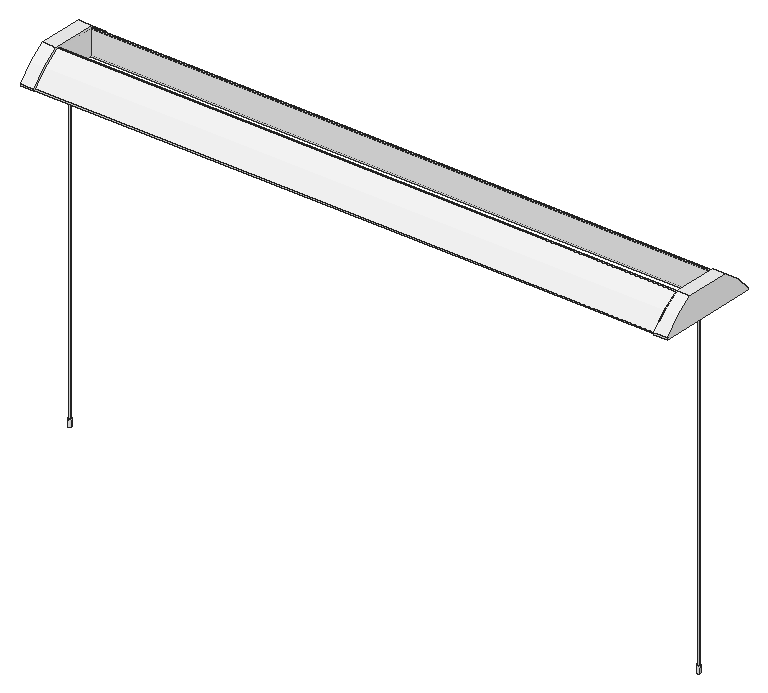
Revit family "SAE102-P", category Lighting Fixtures, host Face, Revit 2014
Parameters (values of type "SAE102-P-04")
  Wattage = 4 W
  Warranty = "5-Years Warranty"
  built-in parameter 1150110 = 1 (stored number, unit not read)
  Voltage = 120 V
  Type Comments = "Lighting Fixture"  # constant formula
  built-in parameter 1114217 = 1 (stored number, unit not read)
  Tilt Angle = -90.00°
  built-in parameter 1150109 = 1 (stored number, unit not read)
  built-in parameter 1150134 = (empty or 0)
  built-in parameter 1150113 = 1 (stored number, unit not read)
  Product Page URL = "https://www.hubbell.com/hubbelllightingci/en/Products/Lighting-Controls/Commercial-Indoor-Lighting/Pendant-Lighting/SAE102-Linear-Pendant-IndirectDirect/p/2333047"
  Product Documentation Link = "https://hubbellcdn.com/specsheet/sae102_pendant.pdf"
  Power Factor = 1
  Photometric Web File = "SAE102-P-ID-STD-4-SOF-CX-35K-I050-D040.ies"
  Photometric Notes = "More IES files download on Photometric Link"  # constant formula
  Photometric Link = "https://www.hubbell.com/hubbelllightingci/en/Products/Lighting-Controls/Commercial-Indoor-Lighting/Pendant-Lighting/SAE102-Linear-Pendant-IndirectDirect/p/2333047"
  Pendant Height [instance] = 2' - 0"
  zz Length 1 = 4' - 0"
  Wattage Comments = "133 Lum/Watt"  # constant formula
  URL = "https://www.hubbell.com/litecontrol/en/"
  Mounting = "Pendant"  # constant formula
  Model = "SAE102"  # constant formula
  Manufacturer = "Litecontrol Lighting"  # constant formula
  built-in parameter 1150105 = 39.789 (stored number, unit not read)
  Lumens = 500 lm
  built-in parameter 1150115 = 1 (stored number, unit not read)
  Load Classification = Lighting
  built-in parameter 1150137 = (empty or 0)
  built-in parameter 1150139 = (empty or 0)
  built-in parameter 1150112 = 1 (stored number, unit not read)
  built-in parameter 1150114 = 1 (stored number, unit not read)
  Lamp = "LED"  # constant formula
  built-in parameter 1150132 = (empty or 0)
  built-in parameter 1150102 = (empty or 0)
  built-in parameter 1150107 = 3500 (stored number, unit not read)
  built-in parameter 1150138 = (empty or 0)
  built-in parameter 1150106 = 0.39789 (stored number, unit not read)
  Glass = Hubbell - White Glass
  Fixture Distribution = "Indirect/Direct"  # constant formula
  Emit from Rectangle Width = zz Length 1 - 0' 2"  # 3' - 10"
  Emit from Rectangle Length = 0' - 4"  # constant formula
  Emit Shape Visible in Rendering = no
  built-in parameter 1150104 = 11.613 (stored number, unit not read)
  Downlight Diffuser = "Soft Glow Lens"  # constant formula
  Dimming Lamp Color Temperature Shift = <None>
  Description = "Linear Pendant Indirect/Direct"  # constant formula
  Default Elevation = 4' - 0"
  Create Date = "04/26/2018"  # constant formula
  Copyright = "Copyright © 2018 Litecontrol"  # constant formula
  Contact Us = "https://www.hubbell.com/litecontrol/en/contactUs"
  Color Filter = 16777215
  Circuiting = "1 Circuit/2 Circuit - Uplight/Downlight"  # constant formula
  built-in parameter 1114218 = 1 (stored number, unit not read)
  Housing Material = Paint - Hubbell - Matte White
  built-in parameter 1150133 = 10 (stored number, unit not read)
  Assembly Code = "D5020200"
  Apparent Load = 0 VA
Types (6): name | zz Length 1 | Emit from Rectangle Width
  (no name) | 4' - 0" | 3' - 10"
  SAE102-P-04 | 4' - 0" | 3' - 10"
  SAE102-P-02 | 2' - 0" | 1' - 10"
  SAE102-P-03 | 3' - 0" | 2' - 10"
  SAE102-P-06 | 6' - 0" | 5' - 10"
  SAE102-P-08 | 8' - 0" | 7' - 10"
Reference planes (in)
  plane 1 "Center (Front/Back)": y = 13.01342
  plane 2: z = 0
  plane 3 "Center (Left/Right)": x = 0
  plane 4: z = 24
  plane 5: x = -24
  plane 6: x = 24
  plane 7: x = -23.3125
  plane 8: x = 23.3125
  plane 9: z = 23.5
  plane 10: z = 0.5
  plane 11: z = 25
Forms (in)
  Revolve 1, solid, material "Paint - Hubbell - Matte White" <- "Housing Material"
    sketch origin (-5.75, 13.01342, 0) x (-1, 0, 0) y (0, 0, 1)
      loop
        line (-29.0625, 24) -> (-29.0625, 0) -> (-28.9375, 0) -> (-28.9375, 0.5) -> (-29, 0.5) -> (-29, 23.5) -> (-28.9375, 23.5) -> (-28.9375, 24) -> (-29.0625, 24)
      axis (-29.0625, 24) -> (-29.0625, 0)
    angle from 0 to 360
  Revolve 2, solid, material "Paint - Hubbell - Matte White" <- "Housing Material"
    sketch origin (5.75, 13.01342, 0) x (1, 0, 0) y (0, 0, 1)
      loop
        line (-29.0625, 24) -> (-29.0625, 0) -> (-28.9375, 0) -> (-28.9375, 0.5) -> (-29, 0.5) -> (-29, 23.5) -> (-28.9375, 23.5) -> (-28.9375, 24) -> (-29.0625, 24)
      axis (-29.0625, 24) -> (-29.0625, 0)
    angle from 0 to 360
Dimensions and locks (in)
  "Pendant Height": plane 4 to level
  equal spacing: plane 6, plane 3 "Center (Left/Right)", plane 5
  "zz Length 1": plane 6 to plane 5
  locked: plane 4 to plane 9 at 0.5
  locked: plane 10 to plane 2 at 0.5
  locked: plane 7 to plane 5 at 0.6875
  locked: plane 6 to plane 8 at 0.6875
  locked: plane 11 to plane 4 at 1
  aligned and locked: plane 2 to host face
  aligned and locked: level to host face
  aligned and locked: Revolve 1 sketch curve to Revolve 1 sketch curve
  aligned and locked: Revolve 1 sketch curve to plane 8
  aligned and locked: plane 4 to Revolve 1 sketch curve
  aligned and locked: Revolve 1 sketch curve to level
  aligned and locked: plane 3 "Center (Left/Right)" to nested 1
  aligned and locked: plane 1 "Center (Front/Back)" to nested 1
  aligned and locked: Revolve 2 sketch curve to Revolve 2 sketch curve
  aligned and locked: plane 9 to Revolve 2
  aligned and locked: plane 10 to Revolve 2
  aligned and locked: Revolve 1 to plane 9
  aligned and locked: Revolve 1 to plane 10
  aligned and locked: plane 11 to imposter light
  aligned and locked: plane 3 "Center (Left/Right)" to imposter light
Automatic sketch dimensions
  host sketch curve to host sketch curve = 8' - 0"  (x2)
  Revolve 1 sketch curve to plane 9 = 0' - 0"
  Revolve 1 sketch curve to plane 10 = 0' - 0"
  plane 8 to Revolve 1 sketch curve = 0' - 0 1/16"
  plane 8 to Revolve 1 sketch curve = 0' - 0 1/8"
  Revolve 1 sketch curve to Revolve 1 sketch curve = 0' - 0 1/16"
  Revolve 1 sketch curve to plane 10 = 0' - 0.66777"
  Revolve 1 sketch curve to Revolve 1 sketch curve = 0' - 9.83778"
  Revolve 2 sketch curve to plane 7 = 0' - 0"
  Revolve 2 sketch curve to plane 9 = 0' - 0"
  Revolve 2 sketch curve to plane 10 = 0' - 0"
  Revolve 2 sketch curve to level = 0' - 0"
  Revolve 2 sketch curve to plane 4 = 0' - 0"
  plane 7 to Revolve 2 sketch curve = 0' - 0 1/16"
  plane 7 to Revolve 2 sketch curve = 0' - 0 1/8"
  Revolve 2 sketch curve to Revolve 2 sketch curve = 0' - 0 1/16"
  plane 10 to Revolve 2 sketch curve = 0' - 0.66777"
  Revolve 2 sketch curve to Revolve 2 sketch curve = 0' - 9.83778"
Nested families (in)
  nested 1: "102-P" at (-0.01104, 12.97343, 24), Glass <- "Glass", Backbox <- "Housing Material", Length <- "zz Length 1", type "102-P"
    with Length 4' - 0", Glass Hubbell - White Glass, Backbox Paint - Hubbell - Matte White
Connectors (in)
  electrical at (0, 15.60717, 24), driven by "Load Classification", driven by "Voltage", driven by "Apparent Load", driven by "Power Factor"
    settings: on nested 1, index 1, voltage 120 V, apparent load 0 VA, apparent load phase1 0 VA, apparent load phase2 0 VA, apparent load phase3 0 VA, power factor 1, load classification "Lighting", number of poles 1, system type 30, power factor state 1, is connector primary yes, connector utility no, sub classification motor no, connector description "Electrical Connector"
Definition of nested family "102-P"
  Parameters (values of type "102-P")
    Wattage Comments = ""
    URL = ""
    Model = ""
    Manufacturer = ""
    Length [instance] = 4' - 0"
    Lamp = ""
    Glass [instance] = none
    Description = ""
    Default Elevation = 4' - 0"
    Backbox [instance] = none
    Apparent Load = 0 VA
  Reference planes (in)
    plane 1 "Center (Front/Back)": y = 0.03999
    plane 2: z = 0
    plane 3 "Center (Left/Right)": x = 0.01104
    plane 4: z = 2
    plane 5: z = 1.875
    plane 6: x = -23.98896
    plane 7: x = 24.01104
    plane 8: x = -22.98896
    plane 9: x = 23.01104
    plane 10: y = 1.53999
    plane 11: y = -1.46001
    plane 12: z = 0.125
    plane 13: y = -3.71001
    plane 14: y = 3.78999
    plane 15: y = 3.66499
    plane 16: y = -3.58501
  Forms (in)
    Extrusion 1, solid
      sketch origin (0, 0, 0.06357) x (1, 0, 0) y (0, 1, 0)
        loop
          line (-48, 48) -> (-48, -48) -> (48, -48) -> (48, 48) -> (-48, 48)
      from -0.06357 to -12.81105
    Extrusion 2, solid, material <- "Backbox"
      sketch origin (23.01104, -180, 29.46954) x (0, 0, 1) y (0, -1, 0)
        loop
          line (-27.46954, -181.70759) -> (-27.46954, -178.37239)
          arc (-27.46954, -178.37239) -> (-28.31111, -177.24482) -> (-29.34454, -176.28999) r 7.66802
          line (-29.34454, -176.28999) -> (-29.46954, -176.28999) -> (-29.46954, -183.78999) -> (-29.34454, -183.78999)
          arc (-29.34454, -183.78999) -> (-28.31111, -182.83517) -> (-27.46954, -181.70759) r 7.66802
      from 0 to 1
    Extrusion 3, solid, material <- "Backbox"
      sketch origin (-22.98896, -180, 28.85133) x (0, 0, 1) y (0, -1, 0)
        loop
          line (-26.85133, -181.70759) -> (-26.85133, -178.37239)
          arc (-26.85133, -178.37239) -> (-27.6929, -177.24482) -> (-28.72633, -176.28999) r 7.66802
          line (-28.72633, -176.28999) -> (-28.85133, -176.28999) -> (-28.85133, -183.78999) -> (-28.72633, -183.78999)
          arc (-28.72633, -183.78999) -> (-27.6929, -182.83517) -> (-26.85133, -181.70759) r 7.66802
      from 0 to -1
    Extrusion 4, solid, material <- "Glass"
      sketch origin (-23.78896, 8.13374, 2) x (0, -1, 0) y (1, 0, 0)
        loop
          line (6.59375, 0.8) -> (9.59375, 0.8) -> (9.59375, 46.8) -> (6.59375, 46.8) -> (6.59375, 0.8)
      from -0.125 to -1.875
    Extrusion 5, solid, material <- "Backbox"
      sketch origin (0.01104, 0, 0) x (0, 1, 0) y (0, 0, 1)
        loop
          line (1.53999, 1.9375) -> (1.53999, 0) -> (3.72749, 0) -> (3.72749, 0.10375)
          arc (3.72749, 0.10375) -> (2.79201, 1.11318) -> (1.68994, 1.9375) r 7.60552
          line (1.68994, 1.9375) -> (1.53999, 1.9375)
        loop
          line (-1.46001, 1.9375) -> (-1.60996, 1.9375)
          arc (-1.60996, 1.9375) -> (-2.71203, 1.11318) -> (-3.64751, 0.10375) r 7.60552
          line (-3.64751, 0.10375) -> (-3.64751, 0) -> (-1.46001, 0) -> (-1.46001, 1.9375)
      from -23 to 23
  Cuts and joins
    joined: Extrusion 2, Extrusion 3
  Dimensions and locks (in)
    plane 4 to Extrusion 1 = 0' - 2"
    "Length": plane 7 to plane 6
    locked: plane 8 to plane 6 at 1
    locked: plane 7 to plane 9 at 1
    equal spacing: plane 7, plane 3 "Center (Left/Right)", plane 6
    locked: plane 12 to Extrusion 1 at 0.125
    locked: plane 10 to plane 11 at 3
    equal spacing: plane 10, plane 1 "Center (Front/Back)", plane 11, locked at 1.5 each
    locked: plane 14 to plane 15 at 0.125
    locked: plane 16 to plane 13 at 0.125
    plane 13 to plane 14 = 0' - 7 1/2"
    plane 13 to plane 1 "Center (Front/Back)" = 0' - 3 3/4"
    equal spacing: plane 14, plane 1 "Center (Front/Back)", plane 13
    locked: plane 4 to plane 5 at 0.125
    aligned and locked: plane 2 to Extrusion 1
    aligned and locked: plane 7 to cut or joined group of Extrusion 2, Extrusion 3
    aligned and locked: cut or joined group of Extrusion 2, Extrusion 3 to plane 6
    aligned and locked: Extrusion 5 to plane 8
    aligned and locked: plane 9 to Extrusion 5
    aligned and locked: plane 10 to Extrusion 4 sketch curve
    aligned and locked: plane 11 to Extrusion 4 sketch curve
    aligned and locked: Extrusion 3 to Extrusion 4
    aligned and locked: Extrusion 2 to Extrusion 4
    aligned and locked: Extrusion 2 to plane 9
    aligned and locked: plane 5 to Extrusion 4
    aligned and locked: Extrusion 3 sketch curve to plane 13
    aligned and locked: Extrusion 3 to level
    aligned and locked: Extrusion 2 sketch curve to cut or joined group of Extrusion 2, Extrusion 3  (x6)
    aligned and locked: plane 8 to Extrusion 3
    aligned and locked: Extrusion 5 sketch curve to plane 10
    aligned and locked: plane 2 to Extrusion 5 sketch curve
  Automatic sketch dimensions
    Extrusion 1 sketch curve to Extrusion 1 sketch curve = 8' - 0"  (x2)
    plane 8 to Extrusion 4 sketch curve = 0' - 0"
    Extrusion 4 sketch curve to plane 9 = 0' - 0"
    Extrusion 3 sketch curve to level = 0' - 0"
    Extrusion 5 sketch curve to level = 0' - 0"
    Extrusion 5 sketch curve to plane 11 = 0' - 0"
    Extrusion 5 sketch curve to plane 4 = 0' - 0 1/16"  (x2)
    Extrusion 5 sketch curve to plane 11 = 0' - 0.14995"
    Extrusion 5 sketch curve to plane 11 = 0' - 0.83573"
    Extrusion 5 sketch curve to plane 13 = 0' - 0 1/16"
    Extrusion 5 sketch curve to Extrusion 5 sketch curve = 0' - 0.14995"
    Extrusion 5 sketch curve to plane 10 = 0' - 0.83573"
    Extrusion 5 sketch curve to plane 14 = 0' - 0 1/16"
    Extrusion 5 sketch curve to level = 0' - 4.54002"  (x2)
    Extrusion 3 sketch curve to plane 12 = 0' - 0"  (x2)
    Extrusion 3 sketch curve to plane 4 = 0' - 0"
    Extrusion 3 sketch curve to plane 14 = 0' - 0"
    Extrusion 3 sketch curve to plane 11 = 0' - 0.83573"
    Extrusion 3 sketch curve to level = 0' - 4.54002"  (x2)
    Extrusion 3 sketch curve to plane 10 = 0' - 0.83573"
